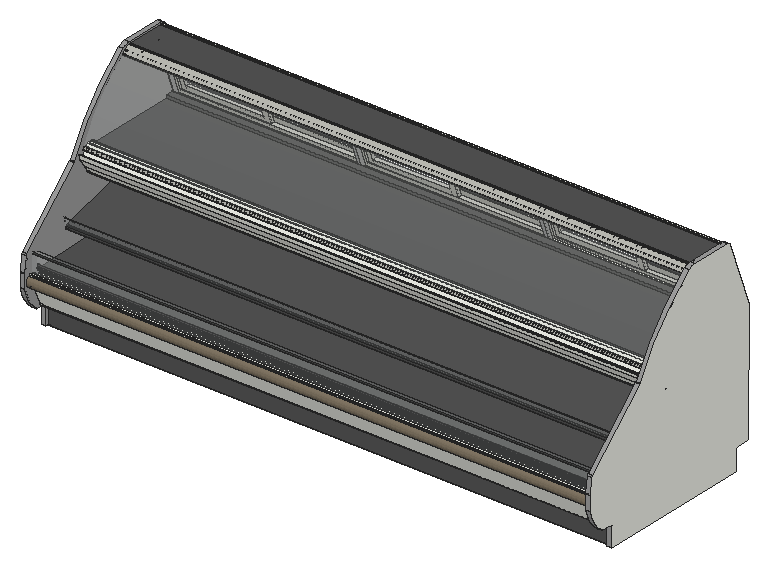
Revit family "CR3-H_2014", category Specialty Equipment, Revit 2014
Parameters (values of type "12'-0" Length")
  Width = 144"
  Waste Drain = 1 1/2"  # constant formula
  Upper Drain = if(Width = 48", 32", if(Width = 60", 44", if(Width = 72", 44", if(Width = 96", 56", if(Width = 120", 56", if(Width = 144", 77", 0"))))))  # 77"
  URL = "www.hussmann.com"
  Type Comments = "Chino"  # constant formula
  Trim = Stainless Steel
  Total Weight = Case Weight + (2 * End Weight)  # 0.00 lbf
  Splashguard = Textured Sheet Metal (Steel Painted) - 701 Black
  Side Panel - Right [instance] = yes
  Side Panel - Left [instance] = yes
  Shelves = Sheet Metal (Steel Painted) - 701 Black
  Revit Family Date = "04/22/2016"  # constant formula
  Refrigeration Lines Suction = 5/8"  # constant formula
  Refrigeration Lines Liquid = 3/8"  # constant formula
  Refrig. Suction = "Suction"
  Refrig. Liquid = "Liquid"
  Number of Supports = if(Width < 70", 2, if(Width < 140", 3, 4))  # 4
  Note from Manufacturer = "This model only comes in 4'-0\", 5'-0\", 6'-0\", 8'-0\", 10'-0\" and 12'-0\" lengths."
  Model URL = "http://www.hussmann.com/en/product%20viewer/display-cases/R3H,%20CR3H,%20R3H-HF,%20CR3H-HF"
  Model = "CR3-H"  # constant formula
  Manufacturer Disclaimer = "The information in this file is not intended to be an exact representation of the corresponding Hussmann product.  Further, we reserve the right to change or revise specifications and product design in connection with any feature of our products. Such changes do not entitle the buyer to corresponding changes, improvements, additions, or replacements for equipment previously sold or shipped."  # constant formula
  Manufacturer = "Hussmann Corporation"  # constant formula
  Lower Drain = if(Width = 48", 7", if(Width = 60", 41", if(Width = 72", 41", if(Width = 96", 53", if(Width = 120", 53", if(Width = 144", 65", 0"))))))  # 65"
  Height = 53"  # constant formula
  Glazing = Glass
  Ends = Textured Sheet Metal (Steel Painted) - 149 White Satin Matte
  End Weight = 0.00 lbf  # constant formula
  Door Frame = Plastic - 144 Mist Gray
  Description = "Hot Service Merchandiser with Self-Service Refrigerated - Curved Glass"  # constant formula
  Depth = 50 3/8"  # constant formula
  Cutsheet URL = "http://www.hussmann.com/en/Product%20Sheets/R3H_CR3H_121912_EN.pdf"
  Case Weight = if(Width = 48", 0.00 lbf, if(Width = 60", 0.00 lbf, if(Width = 72", 0.00 lbf, if(Width = 96", 0.00 lbf, if(Width = 120", 0.00 lbf, if(Width = 144", 0.00 lbf, 0.00 lbf))))))  # 0.00 lbf
  Case Interior - Side Panel = Stainless Steel
  Case Interior - Back Panel = Stainless Steel
  Case = Textured Sheet Metal (Steel Painted) - 149 White Satin Matte
  Bumper = Extruded PVC - 747 Chocolate Brown
  Assembly Code = ""
  Accessories/Options = ""
  8 Case = Width = 96"  # no
  6 Case = Width = 72"  # no
  5 Case = Width = 60"  # no
  4 Case = Width = 48"  # no
  12 Case = Width = 144"  # yes
  10 Case = Width = 120"  # no
Reference planes (in)
  plane 1 "Back": y = 0
  plane 2 "Bottom": z = 0
  plane 3 "Left": x = -77.30699
  plane 4 "Center (Left/Right)": x = -5.30699
  plane 5: x = -78.43199
  plane 6 "Right": x = 66.69301
  plane 7: x = 67.81801
  plane 8: z = 53
  plane 9: y = -50.375
Forms (in)
  Extrusion 1, solid, material "Metal - Copper"
    sketch origin (63.0625, 1.04319, 0) x (1, 0, 0) y (0, 1, 0)
      loop
        arc (-76.49449, -39.16819) -> (-77.02482, -39.38786) -> (-77.24449, -39.91819) r 0.75
        arc (-77.24449, -39.91819) -> (-77.02482, -40.44852) -> (-76.49449, -40.66819) r 0.75
        arc (-76.49449, -40.66819) -> (-75.96416, -40.44852) -> (-75.74449, -39.91819) r 0.75
        arc (-75.74449, -39.91819) -> (-75.96416, -39.38786) -> (-76.49449, -39.16819) r 0.75
      loop
        circle (-76.49449, -39.91819) r 0.7102
    from 5.98508 to 0
  Extrusion 2, solid, material "Metal - Copper"
    sketch origin (57.40105, 5, -0.375) x (1, 0, 0) y (0, 1, 0)
      loop
        circle (2.97946, -42.125) r 0.28859
      loop
        circle (2.97946, -42.125) r 0.3125
    from 6.36008 to 0.375
  Extrusion 3, solid, material "Metal - Copper"
    sketch origin (59.82608, 5, -0.375) x (1, 0, 0) y (0, 1, 0)
      loop
        circle (1.05443, -42.125) r 0.17188
      loop
        circle (1.05443, -42.125) r 0.1875
    from 6.36008 to 0.375
  Extrusion 4, solid, material "Textured Sheet Metal (Steel Painted) - 149 White Satin Matte" <- "Case"
    sketch origin (-5.30699, 0, 0) x (0, 1, 0) y (0, 0, 1)
      loop
        line (-33.36568, 34.61012) -> (-33.04856, 33.47902) -> (-31.7032, 31.45909) -> (-31.64948, 31.49094) -> (-30.7947, 30.01115) -> (-30.8313, 29.99002) -> (-30.69968, 29.76205)
        arc (-30.69968, 29.76205) -> (-30.66021, 29.73177) -> (-30.61089, 29.73826) r 0.065
        line (-30.61089, 29.73826) -> (-29.77517, 30.22076)
        arc (-29.77517, 30.22076) -> (-29.74489, 30.26023) -> (-29.75138, 30.30955) r 0.065
        line (-29.75138, 30.30955) -> (-29.85311, 30.48575)
        arc (-29.85311, 30.48575) -> (-29.85611, 30.50851) -> (-29.84213, 30.52673) r 0.03
        line (-29.84213, 30.52673) -> (-29.62575, 30.65165) -> (-28.74969, 30.65165) -> (-27.92081, 30.17255) -> (-25.08971, 27.77832)
        arc (-25.08971, 27.77832) -> (-25.07009, 27.76692) -> (-25.04774, 27.76295) r 0.065
        line (-25.04774, 27.76295) -> (-22.46115, 27.76295) -> (-21.49557, 26.79737) -> (-21.49557, 24.19301) -> (-21.62938, 23.48803)
        arc (-21.62938, 23.48803) -> (-21.57491, 23.41154) -> (-21.50086, 23.46931) r 0.065
        line (-21.50086, 23.46931) -> (-21.46057, 23.8667) -> (-21.46057, 24.58807) -> (-21.33057, 24.58807) -> (-21.33057, 28.20482) -> (-18.84907, 28.20482) -> (-18.84907, 11.22133) -> (-19.81272, 11.22133) -> (-19.81272, 10.98732) -> (-18.87522, 10.98732) -> (-18.87522, 8.47125) -> (-19.73888, 7.60758) -> (-45.47046, 7.60758) -> (-45.47046, 12.7762) -> (-44.42822, 12.7762) -> (-44.42822, 12.67958) -> (-44.49855, 12.4171) -> (-44.43818, 12.40092) -> (-44.36572, 12.67135) -> (-44.36572, 12.89308) -> (-44.30761, 12.89308) -> (-44.30761, 13.23808)
        arc (-44.30761, 13.23808) -> (-44.33455, 13.30313) -> (-44.39961, 13.33008) r 0.092
        line (-44.39961, 13.33008) -> (-44.74461, 13.33008) -> (-44.74461, 13.92649)
        arc (-44.74461, 13.92649) -> (-44.77155, 13.99154) -> (-44.83661, 14.01849) r 0.092
        line (-44.83661, 14.01849) -> (-45.77861, 14.01849)
        arc (-45.77861, 14.01849) -> (-45.84366, 13.99154) -> (-45.87061, 13.92649) r 0.092
        line (-45.87061, 13.92649) -> (-45.87061, 13.33008) -> (-46.30761, 13.33008) -> (-46.30761, 13.26808) -> (-47.6086, 13.26808) -> (-47.92961, 13.58908) -> (-47.92961, 13.96008) -> (-47.99211, 13.96008) -> (-47.99211, 13.11258) -> (-48.47954, 13.11258) -> (-48.47954, 14.20466)
        arc (-48.47954, 14.20466) -> (-48.50663, 14.27007) -> (-48.57204, 14.29716) r 0.0925
        line (-48.57204, 14.29716) -> (-49.2838, 14.29716)
        arc (-49.2838, 14.29716) -> (-49.34921, 14.27007) -> (-49.3763, 14.20466) r 0.0925
        line (-49.3763, 14.20466) -> (-49.3763, 11.58133)
        arc (-49.3763, 11.58133) -> (-49.34921, 11.51592) -> (-49.2838, 11.48883) r 0.0925
        line (-49.2838, 11.48883) -> (-48.32381, 11.48883) -> (-45.66679, 5.77636)
        arc (-45.66679, 5.77636) -> (-45.60508, 5.73883) -> (-45.54679, 5.78148) r 0.065
        line (-45.54679, 5.78148) -> (-45.47246, 5.98508) -> (-3.85387, 5.98508) -> (-3.85387, 5.91108) -> (-3.07295, 5.91108)
        arc (-3.07295, 5.91108) -> (-3.03315, 5.91899) -> (-2.99941, 5.94154) r 0.104
        line (-2.99941, 5.94154) -> (-2.31033, 6.63062)
        arc (-2.31033, 6.63062) -> (-2.28779, 6.66436) -> (-2.27987, 6.70416) r 0.104
        line (-2.27987, 6.70416) -> (-2.27987, 7.41108) -> (-0.92787, 7.41108) -> (-0.92787, 6.49062) -> (-1.0286, 5.91937)
        arc (-1.0286, 5.91937) -> (-1.01438, 5.8663) -> (-0.96459, 5.84308) r 0.065
        line (-0.96459, 5.84308) -> (-0.33657, 5.84308)
        arc (-0.33657, 5.84308) -> (-0.29061, 5.86212) -> (-0.27157, 5.90808) r 0.065
        line (-0.27157, 5.90808) -> (-0.27157, 7.54708) -> (-18.65057, 7.54708) -> (-18.65057, 28.41908) -> (-0.20665, 28.41908) -> (-0.20665, 35.15451) -> (-0.27598, 35.41322) -> (-0.062, 35.41322) -> (-0.062, 35.28806) -> (-0.08379, 35.03772) -> (-0.02202, 35.03232) -> (0, 35.28405) -> (0, 35.91542)
        arc (0, 35.91542) -> (-0.0014, 35.9314) -> (-0.00555, 35.94689) r 0.092
        line (-0.00555, 35.94689) -> (-0.11802, 36.2559)
        arc (-0.11802, 36.2559) -> (-0.16559, 36.30782) -> (-0.23594, 36.31089) r 0.092
        line (-0.23594, 36.31089) -> (-2.27433, 35.56897) -> (-4.51597, 35.56897)
        arc (-4.51597, 35.56897) -> (-4.57511, 35.54745) -> (-4.60657, 35.49295) r 0.092
        line (-4.60657, 35.49295) -> (-4.70058, 34.95983) -> (-4.63952, 34.94906) -> (-4.54551, 35.48218)
        arc (-4.54551, 35.48218) -> (-4.53525, 35.49995) -> (-4.51597, 35.50697) r 0.03
        line (-4.51597, 35.50697) -> (-2.98133, 35.50697) -> (-2.94721, 35.41322) -> (-3.2434, 35.41322)
        arc (-3.2434, 35.41322) -> (-3.31694, 35.38276) -> (-3.3474, 35.30922) r 0.104
        line (-3.3474, 35.30922) -> (-3.3474, 34.77931) -> (-26.31188, 34.77931)
        arc (-26.31188, 34.77931) -> (-26.33441, 34.85188) -> (-26.40369, 34.88308) r 0.0925
        line (-26.40369, 34.88308) -> (-29.81917, 34.88308) -> (-29.81917, 35.15653) -> (-29.81917, 36.32406)
        arc (-29.81917, 36.32406) -> (-29.8382, 36.37002) -> (-29.88417, 36.38906) r 0.065
        line (-29.88417, 36.38906) -> (-30.59463, 36.38906)
        arc (-30.59463, 36.38906) -> (-30.62338, 36.38236) -> (-30.6462, 36.36363) r 0.065
        line (-30.6462, 36.36363) -> (-31.5477, 35.18877) -> (-31.50775, 35.15812) -> (-32.26162, 34.17566)
        arc (-32.26162, 34.17566) -> (-32.27842, 34.16475) -> (-32.29834, 34.16684) r 0.03
        line (-32.29834, 34.16684) -> (-33.08729, 34.5431) -> (-33.06355, 34.60387) -> (-33.27944, 34.68821)
        arc (-33.27944, 34.68821) -> (-33.34673, 34.67585) -> (-33.36568, 34.61012) r 0.065
      loop
        line (-7.7013, 52.90428) -> (-17.15757, 52.90428) -> (-17.15757, 50.81867) -> (-15.27268, 50.81867)
        arc (-15.27268, 50.81867) -> (-15.31864, 50.79963) -> (-15.33768, 50.75367) r 0.065
        line (-15.33768, 50.75367) -> (-15.33768, 49.56367)
        arc (-15.33768, 49.56367) -> (-15.31864, 49.51771) -> (-15.27268, 49.49867) r 0.065
        line (-15.27268, 49.49867) -> (-14.92768, 49.49867) -> (-14.92768, 49.53609)
        arc (-14.92768, 49.53609) -> (-14.89911, 49.53742) -> (-14.88107, 49.55961) r 0.035
        line (-14.88107, 49.55961) -> (-14.67768, 50.31867) -> (-13.55268, 50.31867) -> (-13.34925, 49.55947)
        arc (-13.34925, 49.55947) -> (-13.33673, 49.54086) -> (-13.31548, 49.53367) r 0.035
        line (-13.31548, 49.53367) -> (-12.94048, 49.53367) -> (-12.94048, 49.57098)
        arc (-12.94048, 49.57098) -> (-12.90599, 49.59425) -> (-12.89268, 49.63367) r 0.065
        line (-12.89268, 49.63367) -> (-12.89268, 50.75367)
        arc (-12.89268, 50.75367) -> (-12.91172, 50.79963) -> (-12.95768, 50.81867) r 0.065
        line (-12.95768, 50.81867) -> (-8.18319, 50.81867) -> (-8.3657, 50.31723)
        arc (-8.3657, 50.31723) -> (-8.3631, 50.25759) -> (-8.31908, 50.21726) r 0.078
        line (-8.31908, 50.21726) -> (-7.21684, 49.81607)
        arc (-7.21684, 49.81607) -> (-7.19016, 49.81137) -> (-7.16349, 49.81607) r 0.078
        line (-7.16349, 49.81607) -> (-5.87825, 50.28386)
        arc (-5.87825, 50.28386) -> (-5.83424, 50.32419) -> (-5.83163, 50.38383) r 0.078
        arc (-5.83163, 50.38383) -> (-5.78406, 50.33192) -> (-5.71372, 50.32885) r 0.092
        line (-5.71372, 50.32885) -> (-5.41208, 50.43863)
        arc (-5.41208, 50.43863) -> (-5.36016, 50.4862) -> (-5.35709, 50.55655) r 0.092
        line (-5.35709, 50.55655) -> (-6.30348, 53.15672)
        arc (-6.30348, 53.15672) -> (-6.41404, 53.30081) -> (-6.58726, 53.35543) r 0.302
        line (-6.58726, 53.35543) -> (-7.1713, 53.35543)
        arc (-7.1713, 53.35543) -> (-7.23635, 53.32848) -> (-7.2633, 53.26343) r 0.092
        line (-7.2633, 53.26343) -> (-7.2633, 52.98303) -> (-7.6233, 52.98303)
        arc (-7.6233, 52.98303) -> (-7.67872, 52.95992) -> (-7.7013, 52.90428) r 0.078
    from 72 to -72
  Extrusion 5, solid, material "Sheet Metal (Steel Painted) - 701 Black" <- "Shelves"
    sketch origin (-5.30699, 0, 0) x (0, 1, 0) y (0, 0, 1)
      loop
        line (-46.61712, 14.45678) -> (-46.60322, 14.02412) -> (-20.77257, 14.85426) -> (-20.77257, 24.58807) -> (-21.46057, 24.58807) -> (-21.46057, 15.30027) -> (-46.61825, 14.49176)
        arc (-46.61825, 14.49176) -> (-46.63973, 14.49986) -> (-46.6492, 14.52078) r 0.03
        line (-46.6492, 14.52078) -> (-46.68035, 15.49028)
        arc (-46.68035, 15.49028) -> (-46.75306, 15.55273) -> (-46.80894, 15.47486) r 0.065
        line (-46.80894, 15.47486) -> (-46.73857, 15.13915) -> (-46.70432, 15.14633) -> (-46.68418, 14.51966)
        arc (-46.68418, 14.51966) -> (-46.66367, 14.47433) -> (-46.61712, 14.45678) r 0.065
    from 72 to -72
  Extrusion 6, solid, material "Sheet Metal (Steel Painted) - 701 Black" <- "Shelves"
    sketch origin (-5.30699, 0, 0) x (0, 1, 0) y (0, 0, 1)
      loop
        arc (-37.37591, 20.55304) -> (-37.41386, 20.52392) -> (-37.4201, 20.4765) r 0.0625
        line (-37.4201, 20.4765) -> (-37.20032, 19.65628) -> (-37.45375, 19.58853) -> (-37.62233, 20.31883) -> (-37.68275, 20.30488) -> (-37.51403, 19.5741)
        arc (-37.51403, 19.5741) -> (-37.48555, 19.53491) -> (-37.43757, 19.52816) r 0.062
        line (-37.43757, 19.52816) -> (-36.59239, 19.75463) -> (-36.60996, 19.82019)
        arc (-36.60996, 19.82019) -> (-36.5977, 19.83875) -> (-36.59726, 19.86099) r 0.04
        line (-36.59726, 19.86099) -> (-36.77098, 20.52878) -> (-35.92628, 20.75209) -> (-35.88731, 20.60665) -> (-35.804, 20.62897)
        arc (-35.804, 20.62897) -> (-35.77744, 20.62547) -> (-35.76113, 20.60422) r 0.035
        line (-35.76113, 20.60422) -> (-35.68092, 20.30489)
        arc (-35.68092, 20.30489) -> (-35.66826, 20.27965) -> (-35.64666, 20.26146) r 0.07
        line (-35.64666, 20.26146) -> (-35.12588, 19.97927)
        arc (-35.12588, 19.97927) -> (-35.04917, 19.98586) -> (-35.02491, 20.05893) r 0.07
        line (-35.02491, 20.05893) -> (-35.07702, 20.25341) -> (-21.79848, 23.74887)
        arc (-21.79848, 23.74887) -> (-21.76053, 23.77799) -> (-21.75428, 23.82542) r 0.0625
        line (-21.75428, 23.82542) -> (-21.9484, 24.54987)
        arc (-21.9484, 24.54987) -> (-21.97752, 24.58782) -> (-22.02494, 24.59406) r 0.0625
        line (-22.02494, 24.59406) -> (-37.37591, 20.55304)
    from 72 to -72
  Extrusion 7, solid, material "Glass" <- "Glazing"
    sketch origin (-5.30699, 0, 0) x (0, 1, 0) y (0, 0, 1)
      loop
        line (-38.15322, 22.24812) -> (-37.44146, 19.59182) -> (-37.19994, 19.65639) -> (-37.91173, 22.31283)
        arc (-37.91173, 22.31283) -> (-38.06483, 22.40122) -> (-38.15322, 22.24812) r 0.125
    from 72 to -72
  Extrusion 8, solid, material "Glass" <- "Glazing"
    sketch origin (-5.30699, 1, 0) x (0, 1, 0) y (0, 0, 1)
      loop
        line (-49.47954, 18.6907) -> (-49.47954, 13.11258) -> (-48.99211, 13.11258) -> (-48.99211, 18.61243)
        arc (-48.99211, 18.61243) -> (-49.20247, 18.85926) -> (-49.47954, 18.6907) r 0.25
    from 72 to -72
  Extrusion 9, solid, material "Extruded PVC - 747 Chocolate Brown" <- "Bumper"
    sketch origin (-5.30699, 1, 0) x (0, 1, 0) y (0, 0, 1)
      loop
        arc (-50.3763, 13.97878) -> (-51.3763, 12.72878) -> (-50.3763, 11.47878) r 1.28125
        line (-50.3763, 11.47878) -> (-50.3763, 13.97878)
    from 72 to -72
  Extrusion 10, solid, material "Sheet Metal (Steel Painted) - 701 Black" <- "Shelves"
    sketch origin (-5.30699, 0, 0) x (0, 1, 0) y (0, 0, 1)
      loop
        line (-7.38303, 53.29798) -> (-17.05429, 53.29798) -> (-17.09366, 53.25861) -> (-17.09366, 53.02831) -> (-16.98879, 52.90767) -> (-16.79783, 52.90767) -> (-16.73329, 52.98302) -> (-7.38303, 52.98302) -> (-7.34366, 53.02239) -> (-7.34366, 53.25861) -> (-7.38303, 53.29798)
    from 72 to -72
  Extrusion 11, solid, material "Plastic - 144 Mist Gray" <- "Door Frame"
    sketch origin (-5.30699, 0, 0) x (0, 1, 0) y (0, 0, 1)
      loop
        arc (-17.49697, 53.1507) -> (-18.54539, 52.68834) -> (-19.29571, 51.82233) r 2.61653
        arc (-19.29571, 51.82233) -> (-19.29445, 51.78042) -> (-19.25613, 51.76342) r 0.03937
        line (-19.25613, 51.76342) -> (-18.51624, 52.31424)
        arc (-18.51624, 52.31424) -> (-18.45713, 52.32888) -> (-18.40525, 52.29699) r 0.07874
        line (-18.40525, 52.29699) -> (-18.34364, 52.21115) -> (-18.47144, 52.20306) -> (-18.52318, 52.0834) -> (-18.46607, 52.00655)
        arc (-18.46607, 52.00655) -> (-18.45877, 51.97699) -> (-18.47474, 51.95106) r 0.03937
        line (-18.47474, 51.95106) -> (-19.08152, 51.51636)
        arc (-19.08152, 51.51636) -> (-19.10548, 51.47747) -> (-19.09453, 51.43313) r 0.05906
        line (-19.09453, 51.43313) -> (-19.0247, 51.33916)
        arc (-19.0247, 51.33916) -> (-19.01177, 51.33143) -> (-18.99716, 51.33511) r 0.01968
        line (-18.99716, 51.33511) -> (-18.85771, 51.43873) -> (-18.46135, 50.90539)
        arc (-18.46135, 50.90539) -> (-18.36955, 50.82255) -> (-18.25293, 50.78144) r 0.31496
        line (-18.25293, 50.78144) -> (-17.55726, 50.68243)
        arc (-17.55726, 50.68243) -> (-16.71595, 50.65724) -> (-15.88988, 50.81867) r 3.78388
        line (-15.88988, 50.81867) -> (-17.15757, 50.81867) -> (-17.15757, 52.90428) -> (-16.98584, 52.90428) -> (-17.05429, 52.98302) -> (-17.15757, 52.98302) -> (-17.15757, 53.25468)
        arc (-17.15757, 53.25468) -> (-17.16334, 53.2686) -> (-17.17726, 53.27436) r 0.01969
        line (-17.17726, 53.27436) -> (-17.25732, 53.27436)
        arc (-17.25732, 53.27436) -> (-17.42938, 53.04596) -> (-17.51513, 52.77317) r 0.84252
        line (-17.51513, 52.77317) -> (-17.59951, 52.73458)
        arc (-17.59951, 52.73458) -> (-17.55933, 52.93486) -> (-17.47617, 53.12143) r 0.9252
        arc (-17.47617, 53.12143) -> (-17.47711, 53.14278) -> (-17.49697, 53.1507) r 0.01969
      loop
        line (-31.87752, 36.07762) -> (-32.16562, 35.41886)
        arc (-32.16562, 35.41886) -> (-32.16655, 35.37142) -> (-32.13366, 35.33722) r 0.062
        line (-32.13366, 35.33722) -> (-31.90583, 35.23932)
        arc (-31.90583, 35.23932) -> (-31.85882, 35.23852) -> (-31.82477, 35.27094) r 0.062
        line (-31.82477, 35.27094) -> (-31.81081, 35.30212)
        arc (-31.81081, 35.30212) -> (-31.77657, 35.33462) -> (-31.72938, 35.33359) r 0.062
        line (-31.72938, 35.33359) -> (-31.66062, 35.30352)
        arc (-31.66062, 35.30352) -> (-31.60412, 35.35531) -> (-31.62151, 35.42996) r 0.07595
        line (-31.62151, 35.42996) -> (-31.59869, 35.48241) -> (-31.44325, 35.32489) -> (-31.31043, 35.49799) -> (-31.47165, 35.76115)
        arc (-31.47165, 35.76115) -> (-31.40993, 35.80155) -> (-31.41091, 35.87531) r 0.07661
        line (-31.41091, 35.87531) -> (-31.56422, 35.94129)
        arc (-31.56422, 35.94129) -> (-31.58311, 35.9432) -> (-31.59957, 35.93374) r 0.031
        arc (-31.59957, 35.93374) -> (-31.7414, 35.61455) -> (-31.88043, 35.29414) r 40
        line (-31.88043, 35.29414) -> (-32.10949, 35.39432)
        arc (-32.10949, 35.39432) -> (-31.96634, 35.72409) -> (-31.82025, 36.05257) r 40.25
        line (-31.82025, 36.05257) -> (-31.87752, 36.07762)
    from 72 to -72
  Extrusion 12, solid, material "Textured Sheet Metal (Steel Painted) - 701 Black" <- "Splashguard"
    sketch origin (-5.30699, 0, 0) x (0, 1, 0) y (0, 0, 1)
      loop
        arc (-43.33825, 5.48508) -> (-43.363, 5.47483) -> (-43.37325, 5.45008) r 0.035
        line (-43.37325, 5.45008) -> (-43.37325, 0.02008)
        arc (-43.37325, 0.02008) -> (-43.363, -0.00467) -> (-43.33825, -0.01492) r 0.035
        line (-43.33825, -0.01492) -> (-42.83825, -0.01492)
        arc (-42.83825, -0.01492) -> (-42.8135, -0.00467) -> (-42.80325, 0.02008) r 0.035
        line (-42.80325, 0.02008) -> (-42.80325, 0.39508) -> (-42.88512, 0.39508) -> (-42.88512, 5.07508) -> (-42.80325, 5.07508) -> (-42.80325, 5.45008)
        arc (-42.80325, 5.45008) -> (-42.8135, 5.47483) -> (-42.83825, 5.48508) r 0.035
        line (-42.83825, 5.48508) -> (-43.33825, 5.48508)
      loop
        line (-4.19387, 5.48508) -> (-4.19387, 0.45495) -> (-3.8561, 0.05241) -> (-3.47425, -0.01492) -> (-3.46817, 0.01955) -> (-3.83748, 0.08467) -> (-4.15887, 0.46769) -> (-4.15887, 5.48508) -> (-4.19387, 5.48508)
    from 72 to -72
  Extrusion 13, solid, material "Sheet Metal (Steel Painted) - 701 Black" <- "Shelves"
    sketch origin (-5.30699, 0, 0) x (0, 1, 0) y (0, 0, 1)
      loop
        line (-29.74078, 34.97147) -> (-29.74078, 34.93647) -> (-5.49078, 34.93647) -> (-5.49078, 35.53397)
        arc (-5.49078, 35.53397) -> (-5.46603, 35.54422) -> (-5.45578, 35.56897) r 0.035
        line (-5.45578, 35.56897) -> (-5.45578, 36.31897) -> (-3.33078, 36.31897) -> (-3.07054, 35.60397) -> (-3.57054, 35.60397) -> (-3.57054, 35.56897) -> (-3.07054, 35.56897)
        arc (-3.07054, 35.56897) -> (-3.04185, 35.58394) -> (-3.03769, 35.61603) r 0.035
        line (-3.03769, 35.61603) -> (-3.29789, 36.33094)
        arc (-3.29789, 36.33094) -> (-3.31071, 36.34764) -> (-3.33078, 36.35397) r 0.035
        line (-3.33078, 36.35397) -> (-5.45578, 36.35397)
        arc (-5.45578, 36.35397) -> (-5.48053, 36.34372) -> (-5.49078, 36.31897) r 0.035
        line (-5.49078, 36.31897) -> (-5.49078, 35.56897) -> (-29.30328, 35.56897) -> (-29.30328, 35.91762) -> (-29.26845, 35.91457) -> (-29.23379, 36.31071)
        arc (-29.23379, 36.31071) -> (-29.28354, 36.37007) -> (-29.33828, 36.31528) r 0.0525
        line (-29.33828, 36.31528) -> (-29.33828, 35.56897)
        arc (-29.33828, 35.56897) -> (-29.32803, 35.54422) -> (-29.30328, 35.53397) r 0.035
        line (-29.30328, 35.53397) -> (-29.74078, 34.97147)
    from 72 to -72
  Extrusion 14, solid, material "Glass" <- "Glazing"
    sketch origin (-5.30699, 0, 0) x (0, 1, 0) y (0, 0, 1)
      loop
        line (-18.51005, 51.97852) -> (-18.65626, 52.18131)
        arc (-18.65626, 52.18131) -> (-26.52546, 44.70291) -> (-32.10984, 35.39349) r 40.25
        line (-32.10984, 35.39349) -> (-31.88007, 35.29497)
        arc (-31.88007, 35.29497) -> (-26.33037, 44.54657) -> (-18.51005, 51.97852) r 40
    from 72 to -72
  Extrusion 15, solid, material "Metal - Copper"
    sketch origin (-56.6875, 24.04319, 0) x (1, 0, 0) y (0, 1, 0)
      loop
        arc (56.38051, -40.66819) -> (55.85018, -40.88786) -> (55.63051, -41.41819) r 0.75
        arc (55.63051, -41.41819) -> (55.85018, -41.94852) -> (56.38051, -42.16819) r 0.75
        arc (56.38051, -42.16819) -> (56.91084, -41.94852) -> (57.13051, -41.41819) r 0.75
        arc (57.13051, -41.41819) -> (56.91084, -40.88786) -> (56.38051, -40.66819) r 0.75
      loop
        circle (56.38051, -41.41819) r 0.7102
    from 5.98508 to 0
  Extrusion 16, solid, material "Glass" <- "Glazing"
    sketch origin (-5.30699, 1, 0) x (0, 1, 0) y (0, 0, 1)
      loop
        line (-47.77768, 18.51872) -> (-47.6492, 14.52078) -> (-47.39933, 14.52881) -> (-47.52781, 18.52675) -> (-47.77768, 18.51872)
    from 72 to -72
  Extrusion 17, solid, material "Stainless Steel" <- "Case Interior - Back Panel", visible <- "12 Case"
    sketch origin (-77.30699, 0, 0) x (0, 1, 0) y (0, 0, 1)
      loop
        line (-3.0039, 35.56897) -> (-2.27433, 35.56897) -> (-0.17956, 36.33141) -> (-5.4525, 50.81867) -> (-8.55461, 50.81867) -> (-3.0039, 35.56897)
    from 144 to 143.5
  Extrusion 18, solid, material "Stainless Steel" <- "Case Interior - Back Panel", visible <- "12 Case"
    sketch origin (-77.30699, 0, 0) x (0, 1, 0) y (0, 0, 1)
      loop
        line (-3.0039, 35.56897) -> (-2.27433, 35.56897) -> (-0.17956, 36.33141) -> (-5.4525, 50.81867) -> (-8.55461, 50.81867) -> (-3.0039, 35.56897)
    from 96.5 to 95.5
  Extrusion 19, solid, material "Stainless Steel" <- "Case Interior - Back Panel", visible <- "12 Case"
    sketch origin (-77.30699, 0, 0) x (0, 1, 0) y (0, 0, 1)
      loop
        line (-3.0039, 35.56897) -> (-2.27433, 35.56897) -> (-0.17956, 36.33141) -> (-5.4525, 50.81867) -> (-8.55461, 50.81867) -> (-3.0039, 35.56897)
    from 48.5 to 47.5
  Extrusion 20, solid, material "Stainless Steel" <- "Case Interior - Back Panel", visible <- "12 Case"
    sketch origin (-77.30699, 0, 0) x (0, 1, 0) y (0, 0, 1)
      loop
        line (-3.0039, 35.56897) -> (-2.27433, 35.56897) -> (-0.17956, 36.33141) -> (-5.4525, 50.81867) -> (-8.55461, 50.81867) -> (-3.0039, 35.56897)
    from 0.5 to 0
  Extrusion 21, solid, material "Stainless Steel" <- "Case Interior - Back Panel", visible <- "12 Case", not visible
    sketch origin (-77.30699, 0, 0) x (0, 1, 0) y (0, 0, 1)
      loop
        line (-3.0039, 35.56897) -> (-2.27433, 35.56897) -> (-0.17956, 36.33141) -> (-5.4525, 50.81867) -> (-8.55461, 50.81867) -> (-3.0039, 35.56897)
    from 144 to 143.5
  Extrusion 22, solid, material "Stainless Steel" <- "Case Interior - Back Panel", visible <- "12 Case", not visible
    sketch origin (-77.30699, 0, 0) x (0, 1, 0) y (0, 0, 1)
      loop
        line (-3.0039, 35.56897) -> (-2.27433, 35.56897) -> (-0.17956, 36.33141) -> (-5.4525, 50.81867) -> (-8.55461, 50.81867) -> (-3.0039, 35.56897)
    from 96.5 to 95.5
  Extrusion 23, solid, material "Stainless Steel" <- "Case Interior - Back Panel", visible <- "12 Case", not visible
    sketch origin (-77.30699, 0, 0) x (0, 1, 0) y (0, 0, 1)
      loop
        line (-3.0039, 35.56897) -> (-2.27433, 35.56897) -> (-0.17956, 36.33141) -> (-5.4525, 50.81867) -> (-8.55461, 50.81867) -> (-3.0039, 35.56897)
    from 48.5 to 47.5
  Extrusion 24, solid, material "Stainless Steel" <- "Case Interior - Back Panel", visible <- "12 Case", not visible
    sketch origin (-77.30699, 0, 0) x (0, 1, 0) y (0, 0, 1)
      loop
        line (-3.0039, 35.56897) -> (-2.27433, 35.56897) -> (-0.17956, 36.33141) -> (-5.4525, 50.81867) -> (-8.55461, 50.81867) -> (-3.0039, 35.56897)
    from 0.5 to 0
  Extrusion 25, solid, material "Stainless Steel" <- "Case Interior - Back Panel", visible <- "10 Case"
    sketch origin (-77.30699, 0, 0) x (0, 1, 0) y (0, 0, 1)
      loop
        line (-3.0039, 35.56897) -> (-2.27433, 35.56897) -> (-0.17956, 36.33141) -> (-5.4525, 50.81867) -> (-8.55461, 50.81867) -> (-3.0039, 35.56897)
    from 120 to 119.5
  Extrusion 26, solid, material "Stainless Steel" <- "Case Interior - Back Panel", visible <- "10 Case"
    sketch origin (-77.30699, 0, 0) x (0, 1, 0) y (0, 0, 1)
      loop
        line (-3.0039, 35.56897) -> (-2.27433, 35.56897) -> (-0.17956, 36.33141) -> (-5.4525, 50.81867) -> (-8.55461, 50.81867) -> (-3.0039, 35.56897)
    from 60.5 to 59.5
  Extrusion 27, solid, material "Stainless Steel" <- "Case Interior - Back Panel", visible <- "10 Case"
    sketch origin (-77.30699, 0, 0) x (0, 1, 0) y (0, 0, 1)
      loop
        line (-3.0039, 35.56897) -> (-2.27433, 35.56897) -> (-0.17956, 36.33141) -> (-5.4525, 50.81867) -> (-8.55461, 50.81867) -> (-3.0039, 35.56897)
    from 0.5 to 0
  Extrusion 28, solid, material "Stainless Steel" <- "Case Interior - Back Panel", visible <- "10 Case", not visible
    sketch origin (-170.99499, 0, 0) x (0, 1, 0) y (0, 0, 1)
      loop
        line (-3.0039, 35.56897) -> (-2.27433, 35.56897) -> (-0.17956, 36.33141) -> (-5.4525, 50.81867) -> (-8.55461, 50.81867) -> (-3.0039, 35.56897)
    from 120 to 119.5
  Extrusion 29, solid, material "Stainless Steel" <- "Case Interior - Back Panel", visible <- "10 Case", not visible
    sketch origin (-170.99499, 0, 0) x (0, 1, 0) y (0, 0, 1)
      loop
        line (-3.0039, 35.56897) -> (-2.27433, 35.56897) -> (-0.17956, 36.33141) -> (-5.4525, 50.81867) -> (-8.55461, 50.81867) -> (-3.0039, 35.56897)
    from 60.5 to 59.5
  Extrusion 30, solid, material "Stainless Steel" <- "Case Interior - Back Panel", visible <- "10 Case", not visible
    sketch origin (-170.99499, 0, 0) x (0, 1, 0) y (0, 0, 1)
      loop
        line (-3.0039, 35.56897) -> (-2.27433, 35.56897) -> (-0.17956, 36.33141) -> (-5.4525, 50.81867) -> (-8.55461, 50.81867) -> (-3.0039, 35.56897)
    from 0.5 to 0
  Extrusion 31, solid, material "Stainless Steel" <- "Case Interior - Back Panel", visible <- "8 Case"
    sketch origin (-77.30699, 0, 0) x (0, 1, 0) y (0, 0, 1)
      loop
        line (-3.0039, 35.56897) -> (-2.27433, 35.56897) -> (-0.17956, 36.33141) -> (-5.4525, 50.81867) -> (-8.55461, 50.81867) -> (-3.0039, 35.56897)
    from 96 to 95.5
  Extrusion 32, solid, material "Stainless Steel" <- "Case Interior - Back Panel", visible <- "8 Case"
    sketch origin (-77.30699, 0, 0) x (0, 1, 0) y (0, 0, 1)
      loop
        line (-3.0039, 35.56897) -> (-2.27433, 35.56897) -> (-0.17956, 36.33141) -> (-5.4525, 50.81867) -> (-8.55461, 50.81867) -> (-3.0039, 35.56897)
    from 48.5 to 47.5
  Extrusion 33, solid, material "Stainless Steel" <- "Case Interior - Back Panel", visible <- "8 Case"
    sketch origin (-77.30699, 0, 0) x (0, 1, 0) y (0, 0, 1)
      loop
        line (-3.0039, 35.56897) -> (-2.27433, 35.56897) -> (-0.17956, 36.33141) -> (-5.4525, 50.81867) -> (-8.55461, 50.81867) -> (-3.0039, 35.56897)
    from 0.5 to 0
  Extrusion 34, solid, material "Stainless Steel" <- "Case Interior - Back Panel", visible <- "8 Case", not visible
    sketch origin (-77.30699, 0, 0) x (0, 1, 0) y (0, 0, 1)
      loop
        line (-3.0039, 35.56897) -> (-2.27433, 35.56897) -> (-0.17956, 36.33141) -> (-5.4525, 50.81867) -> (-8.55461, 50.81867) -> (-3.0039, 35.56897)
    from 96 to 95.5
  Extrusion 35, solid, material "Stainless Steel" <- "Case Interior - Back Panel", visible <- "8 Case", not visible
    sketch origin (-77.30699, 0, 0) x (0, 1, 0) y (0, 0, 1)
      loop
        line (-3.0039, 35.56897) -> (-2.27433, 35.56897) -> (-0.17956, 36.33141) -> (-5.4525, 50.81867) -> (-8.55461, 50.81867) -> (-3.0039, 35.56897)
    from 48.5 to 47.5
  Extrusion 36, solid, material "Stainless Steel" <- "Case Interior - Back Panel", visible <- "8 Case", not visible
    sketch origin (-77.30699, 0, 0) x (0, 1, 0) y (0, 0, 1)
      loop
        line (-3.0039, 35.56897) -> (-2.27433, 35.56897) -> (-0.17956, 36.33141) -> (-5.4525, 50.81867) -> (-8.55461, 50.81867) -> (-3.0039, 35.56897)
    from 0.5 to 0
  Extrusion 37, solid, material "Stainless Steel" <- "Case Interior - Back Panel", visible <- "6 Case"
    sketch origin (-77.30699, 0, 0) x (0, 1, 0) y (0, 0, 1)
      loop
        line (-3.0039, 35.56897) -> (-2.27433, 35.56897) -> (-0.17956, 36.33141) -> (-5.4525, 50.81867) -> (-8.55461, 50.81867) -> (-3.0039, 35.56897)
    from 72 to 71.5
  Extrusion 38, solid, material "Stainless Steel" <- "Case Interior - Back Panel", visible <- "6 Case"
    sketch origin (-77.30699, 0, 0) x (0, 1, 0) y (0, 0, 1)
      loop
        line (-3.0039, 35.56897) -> (-2.27433, 35.56897) -> (-0.17956, 36.33141) -> (-5.4525, 50.81867) -> (-8.55461, 50.81867) -> (-3.0039, 35.56897)
    from 0.5 to 0
  Extrusion 39, solid, material "Stainless Steel" <- "Case Interior - Back Panel", visible <- "6 Case", not visible
    sketch origin (-72.99499, 10.38492, -11.25191) x (0, 1, 0) y (0, 0, 1)
      loop
        line (-3.0039, 35.56897) -> (-2.27433, 35.56897) -> (-0.17956, 36.33141) -> (-5.4525, 50.81867) -> (-8.55461, 50.81867) -> (-3.0039, 35.56897)
    from 72 to 71.5
  Extrusion 40, solid, material "Stainless Steel" <- "Case Interior - Back Panel", visible <- "6 Case", not visible
    sketch origin (-72.99499, 10.38492, -11.25191) x (0, 1, 0) y (0, 0, 1)
      loop
        line (-3.0039, 35.56897) -> (-2.27433, 35.56897) -> (-0.17956, 36.33141) -> (-5.4525, 50.81867) -> (-8.55461, 50.81867) -> (-3.0039, 35.56897)
    from 0.5 to 0
  Extrusion 41, solid, material "Stainless Steel" <- "Case Interior - Back Panel", visible <- "5 Case"
    sketch origin (-77.30699, 0, 0) x (0, 1, 0) y (0, 0, 1)
      loop
        line (-3.0039, 35.56897) -> (-2.27433, 35.56897) -> (-0.17956, 36.33141) -> (-5.4525, 50.81867) -> (-8.55461, 50.81867) -> (-3.0039, 35.56897)
    from 60 to 59.5
  Extrusion 42, solid, material "Stainless Steel" <- "Case Interior - Back Panel", visible <- "5 Case"
    sketch origin (-77.30699, 0, 0) x (0, 1, 0) y (0, 0, 1)
      loop
        line (-3.0039, 35.56897) -> (-2.27433, 35.56897) -> (-0.17956, 36.33141) -> (-5.4525, 50.81867) -> (-8.55461, 50.81867) -> (-3.0039, 35.56897)
    from 0.5 to 0
  Extrusion 43, solid, material "Stainless Steel" <- "Case Interior - Back Panel", visible <- "5 Case", not visible
    sketch origin (-170.99499, 0, 0) x (0, 1, 0) y (0, 0, 1)
      loop
        line (-3.0039, 35.56897) -> (-2.27433, 35.56897) -> (-0.17956, 36.33141) -> (-5.4525, 50.81867) -> (-8.55461, 50.81867) -> (-3.0039, 35.56897)
    from 60 to 59.5
  Extrusion 44, solid, material "Stainless Steel" <- "Case Interior - Back Panel", visible <- "5 Case", not visible
    sketch origin (-170.99499, 0, 0) x (0, 1, 0) y (0, 0, 1)
      loop
        line (-3.0039, 35.56897) -> (-2.27433, 35.56897) -> (-0.17956, 36.33141) -> (-5.4525, 50.81867) -> (-8.55461, 50.81867) -> (-3.0039, 35.56897)
    from 0.5 to 0
  Extrusion 45, solid, material "Stainless Steel" <- "Case Interior - Back Panel", visible <- "4 Case"
    sketch origin (-77.30699, 0, 0) x (0, 1, 0) y (0, 0, 1)
      loop
        line (-3.0039, 35.56897) -> (-2.27433, 35.56897) -> (-0.17956, 36.33141) -> (-5.4525, 50.81867) -> (-8.55461, 50.81867) -> (-3.0039, 35.56897)
    from 48 to 47.5
  Extrusion 46, solid, material "Stainless Steel" <- "Case Interior - Back Panel", visible <- "4 Case"
    sketch origin (-77.30699, 0, 0) x (0, 1, 0) y (0, 0, 1)
      loop
        line (-3.0039, 35.56897) -> (-2.27433, 35.56897) -> (-0.17956, 36.33141) -> (-5.4525, 50.81867) -> (-8.55461, 50.81867) -> (-3.0039, 35.56897)
    from 0.5 to 0
  Extrusion 47, solid, material "Stainless Steel" <- "Case Interior - Back Panel", visible <- "4 Case", not visible
    sketch origin (-77.30699, 0, 0) x (0, 1, 0) y (0, 0, 1)
      loop
        line (-3.0039, 35.56897) -> (-2.27433, 35.56897) -> (-0.17956, 36.33141) -> (-5.4525, 50.81867) -> (-8.55461, 50.81867) -> (-3.0039, 35.56897)
    from 48 to 47.5
  Extrusion 48, solid, material "Stainless Steel" <- "Case Interior - Back Panel", visible <- "4 Case", not visible
    sketch origin (-77.30699, 0, 0) x (0, 1, 0) y (0, 0, 1)
      loop
        line (-3.0039, 35.56897) -> (-2.27433, 35.56897) -> (-0.17956, 36.33141) -> (-5.4525, 50.81867) -> (-8.55461, 50.81867) -> (-3.0039, 35.56897)
    from 0.5 to 0
  Extrusion 49, solid, material "Textured Sheet Metal (Steel Painted) - 149 White Satin Matte" <- "Ends", visible <- "Side Panel - Right"
    sketch origin (66.69301, 0, 0) x (0, 0, 1) y (0, -1, 0)
      loop
        arc (52.87765, 18.90286) -> (44.14664, 27.74209) -> (33.70783, 34.47958) r 57
        arc (33.70783, 34.47958) -> (33.60283, 34.54428) -> (33.5108, 34.6264) r 0.7
        line (33.5108, 34.6264) -> (19.23827, 49.82481)
        arc (19.23827, 49.82481) -> (19.05327, 49.96546) -> (18.83241, 50.0378) r 0.7
        line (18.83241, 50.0378) -> (14.97649, 50.61944)
        arc (14.97649, 50.61944) -> (14.92443, 50.62531) -> (14.87208, 50.62727) r 0.7
        line (14.87208, 50.62727) -> (11.31634, 50.62727)
        arc (11.31634, 50.62727) -> (7.96462, 49.27292) -> (5.32131, 46.80692) r 9.91393
        line (5.32131, 46.80692) -> (5.32131, 44.33793)
        arc (5.32131, 44.33793) -> (5.17486, 43.98438) -> (4.82131, 43.83793) r 0.5
        line (4.82131, 43.83793) -> (0, 43.83793) -> (0, 4.00118) -> (5.0659, 4.00118)
        arc (5.0659, 4.00118) -> (5.41945, 3.85474) -> (5.5659, 3.50118) r 0.5
        line (5.5659, 3.50118) -> (5.5659, 0.5)
        arc (5.5659, 0.5) -> (5.71234, 0.14645) -> (6.0659, 0) r 0.5
        line (6.0659, 0) -> (36.6983, 0) -> (53.06605, 5.96807)
        arc (53.06605, 5.96807) -> (53.39978, 6.22438) -> (53.52626, 6.62572) r 0.7
        line (53.52626, 6.62572) -> (53.52626, 17.03981)
        arc (53.52626, 17.03981) -> (53.35947, 18.02617) -> (52.87765, 18.90286) r 3
    from 0 to 1.125
  Extrusion 50, solid, material "Textured Sheet Metal (Steel Painted) - 149 White Satin Matte" <- "Ends", visible <- "Side Panel - Left"
    sketch origin (-77.30699, 5.00314, 0) x (0, 1, 0) y (0, 0, 1)
      loop
        arc (-23.90599, 52.87765) -> (-32.74522, 44.14664) -> (-39.48272, 33.70783) r 57
        arc (-39.48272, 33.70783) -> (-39.54741, 33.60283) -> (-39.62953, 33.5108) r 0.7
        line (-39.62953, 33.5108) -> (-54.82795, 19.23827)
        arc (-54.82795, 19.23827) -> (-54.9686, 19.05327) -> (-55.04093, 18.83241) r 0.7
        line (-55.04093, 18.83241) -> (-55.62258, 14.97649)
        arc (-55.62258, 14.97649) -> (-55.62845, 14.92443) -> (-55.63041, 14.87208) r 0.7
        line (-55.63041, 14.87208) -> (-55.63041, 11.31634)
        arc (-55.63041, 11.31634) -> (-54.27605, 7.96462) -> (-51.81005, 5.32131) r 9.91393
        line (-51.81005, 5.32131) -> (-49.34107, 5.32131)
        arc (-49.34107, 5.32131) -> (-48.98752, 5.17486) -> (-48.84107, 4.82131) r 0.5
        line (-48.84107, 4.82131) -> (-48.84107, 0) -> (-9.00432, 0) -> (-9.00432, 5.0659)
        arc (-9.00432, 5.0659) -> (-8.85787, 5.41945) -> (-8.50432, 5.5659) r 0.5
        line (-8.50432, 5.5659) -> (-5.50314, 5.5659)
        arc (-5.50314, 5.5659) -> (-5.14958, 5.71234) -> (-5.00314, 6.0659) r 0.5
        line (-5.00314, 6.0659) -> (-5.00314, 36.6983) -> (-10.97121, 53.06605)
        arc (-10.97121, 53.06605) -> (-11.22752, 53.39978) -> (-11.62886, 53.52626) r 0.7
        line (-11.62886, 53.52626) -> (-22.04295, 53.52626)
        arc (-22.04295, 53.52626) -> (-23.02931, 53.35947) -> (-23.90599, 52.87765) r 3
    from -1.125 to 0
Lines and regions (in)
  reference lines
    curve 1: line (-75.99499, -51.375, 0) -> (-75.99499, 0, 0)
    curve 2: line (-0.30699, -51.375, 0) -> (-0.30699, 0, 0)
    curve 3: line (-13.43199, -51.375, 0) -> (-13.43199, 0, 0)
    curve 4: line (65.38051, -51.375, 0) -> (65.38051, 0, 0)
    curve 5: line (60.69301, -51.375, 0) -> (60.69301, 0, 0)
    curve 6: line (-77.30699, -38.875, 0) -> (66.69301, -38.875, 0)
    curve 7: line (66.69301, -37.125, 0) -> (-77.30699, -37.125, 0)
    curve 8: line (-77.30699, -17.375, 0) -> (66.69301, -17.375, 0)
Dimensions and locks (in)
  equal spacing: plane 3 "Left", plane 4 "Center (Left/Right)", plane 6 "Right"
  locked: plane 5 to plane 3 "Left" at 1.125
  "Width": plane 3 "Left" to plane 6 "Right"
  plane 3 "Left" to curve 1 = 1.312"
  "Upper Drain": plane 3 "Left" to curve 2
  locked: curve 4 to plane 6 "Right" at 1.3125
  "Lower Drain": plane 5 to curve 3
  locked: curve 5 to plane 6 "Right" at 6
  "Height": plane 8 to level
  locked: plane 1 "Back" to curve 8 at 17.375
  locked: curve 7 to plane 9 at 13.25
  locked: plane 6 "Right" to plane 7 at 1.125
  locked: Extrusion 1 sketch curve to Extrusion 1 sketch curve at 0.0398
  locked: Extrusion 3 sketch curve to Extrusion 3 sketch curve at 0.01562
  locked: Extrusion 2 sketch curve to Extrusion 2 sketch curve at 0.02391
  locked: Extrusion 15 sketch curve to Extrusion 15 sketch curve at 0.0398
  locked: curve 6 to plane 9 at 11.5
  nested 1 to plane 1 "Back" = 5 7/8"
  equal spacing: group 1, group 15, group 16, group 2  (x3)
  "Depth": plane 9 to plane 1 "Back"
  "Waste Drain": diameter of Extrusion 1 sketch curve
  "Refrigeration Lines Liquid": diameter of Extrusion 3 sketch curve
  "Refrigeration Lines Suction": diameter of Extrusion 2 sketch curve
  "Waste Drain": diameter of Extrusion 15 sketch curve
  aligned and locked: plane 3 "Left" to curve 6
  aligned and locked: plane 3 "Left" to curve 7
  aligned and locked: plane 6 "Right" to curve 7
  aligned and locked: plane 6 "Right" to curve 6
  aligned and locked: Extrusion 2 to level
  aligned and locked: Extrusion 3 to level
  aligned and locked: curve 7 to Extrusion 3 sketch curve  (x4)
  aligned and locked: curve 7 to Extrusion 2 sketch curve  (x4)
  aligned and locked: curve 6 to Extrusion 1 sketch curve  (x3)
  aligned and locked: curve 3 to Extrusion 1 sketch curve
  aligned and locked: curve 5 to Extrusion 3 sketch curve
  aligned and locked: curve 5 to Extrusion 2 sketch curve
  aligned and locked: Extrusion 1 to level
  aligned and locked: Extrusion 3 to plane 2 "Bottom"
  aligned and locked: Extrusion 2 to plane 2 "Bottom"
  aligned and locked: Extrusion 2 to Extrusion 1
  aligned and locked: Extrusion 3 to Extrusion 1
  aligned and locked: Extrusion 4 to plane 3 "Left"
  aligned and locked: plane 6 "Right" to Extrusion 4
  aligned and locked: Extrusion 11 to plane 3 "Left"
  aligned and locked: plane 6 "Right" to Extrusion 11
  aligned and locked: Extrusion 6 to plane 3 "Left"
  aligned and locked: plane 6 "Right" to Extrusion 6
  aligned and locked: Extrusion 7 to plane 3 "Left"
  aligned and locked: plane 6 "Right" to Extrusion 7
  aligned and locked: Extrusion 8 to plane 3 "Left"
  aligned and locked: plane 6 "Right" to Extrusion 8
  aligned and locked: Extrusion 9 to plane 3 "Left"
  aligned and locked: plane 6 "Right" to Extrusion 9
  aligned and locked: Extrusion 12 to plane 3 "Left"
  aligned and locked: plane 6 "Right" to Extrusion 12
  aligned and locked: plane 6 "Right" to Extrusion 5
  aligned and locked: Extrusion 5 to plane 3 "Left"
  aligned and locked: Extrusion 13 to plane 3 "Left"
  aligned and locked: plane 6 "Right" to Extrusion 13
  aligned and locked: Extrusion 14 to plane 3 "Left"
  aligned and locked: plane 6 "Right" to Extrusion 14
  aligned and locked: Extrusion 10 to plane 3 "Left"
  aligned and locked: plane 6 "Right" to Extrusion 10
  aligned and locked: Extrusion 1 to Extrusion 4
  aligned and locked: curve 8 to Extrusion 15 sketch curve
  aligned and locked: Extrusion 15 to Extrusion 1
  aligned and locked: curve 1 to nested 1
  aligned and locked: curve 4 to nested 2
  aligned and locked: nested 2 to nested 1
  aligned and locked: plane 3 "Left" to nested 4
  aligned and locked: plane 3 "Left" to nested 5
  aligned and locked: plane 3 "Left" to nested 6
  aligned and locked: plane 3 "Left" to nested 8
  aligned and locked: plane 3 "Left" to nested 24
  aligned and locked: Extrusion 16 to plane 3 "Left"
  aligned and locked: plane 6 "Right" to Extrusion 16
  aligned and locked: plane 3 "Left" to nested 26
  aligned and locked: plane 5 to Extrusion 50
  aligned and locked: plane 3 "Left" to Extrusion 50
  aligned and locked: Extrusion 49 to plane 6 "Right"
  aligned and locked: plane 7 to Extrusion 49
Automatic sketch dimensions
  plane 1 "Back" to Extrusion 10 sketch curve = 17.09366"
  Extrusion 10 sketch curve to Extrusion 10 sketch curve = 0.03937"  (x4)
  Extrusion 10 sketch curve to Extrusion 10 sketch curve = 0.10487"
  Extrusion 10 sketch curve to Extrusion 10 sketch curve = 0.19096"
  Extrusion 10 sketch curve to Extrusion 10 sketch curve = 0.06454"
  plane 1 "Back" to Extrusion 10 sketch curve = 7.38303"
  Extrusion 10 sketch curve to Extrusion 10 sketch curve = 0"
  Extrusion 11 sketch curve to Extrusion 11 sketch curve = 0"  (x4)
  Extrusion 11 sketch curve to Extrusion 11 sketch curve = 0.03196"
  Extrusion 11 sketch curve to Extrusion 11 sketch curve = 0.05613"
  Extrusion 11 sketch curve to Extrusion 11 sketch curve = 0.00067"
  Extrusion 11 sketch curve to Extrusion 11 sketch curve = 0.22783"
  Extrusion 11 sketch curve to Extrusion 11 sketch curve = 0.02448"
  Extrusion 11 sketch curve to Extrusion 11 sketch curve = 0.00093"
  Extrusion 11 sketch curve to Extrusion 11 sketch curve = 0.2881"
  Extrusion 11 sketch curve to Extrusion 11 sketch curve = 0.05566"
  Extrusion 11 sketch curve to Extrusion 11 sketch curve = 0.05727"
  Extrusion 11 sketch curve to Extrusion 11 sketch curve = 0.01396"
  Extrusion 11 sketch curve to Extrusion 11 sketch curve = 0.05659"
  Extrusion 11 sketch curve to Extrusion 11 sketch curve = 0.02484"
  Extrusion 11 sketch curve to Extrusion 11 sketch curve = 0.05271"
  Extrusion 11 sketch curve to Extrusion 11 sketch curve = 0.06875"
  Extrusion 11 sketch curve to Extrusion 11 sketch curve = 0.05516"
  Extrusion 11 sketch curve to Extrusion 11 sketch curve = 0.02282"
  Extrusion 11 sketch curve to Extrusion 11 sketch curve = 0.24361"
  Extrusion 11 sketch curve to Extrusion 11 sketch curve = 0.01242"
  Extrusion 11 sketch curve to Extrusion 11 sketch curve = 0.09908"
  Extrusion 11 sketch curve to Extrusion 11 sketch curve = 0.00591"
  Extrusion 11 sketch curve to Extrusion 11 sketch curve = 0.17825"
  Extrusion 11 sketch curve to Extrusion 11 sketch curve = 0.06665"
  Extrusion 11 sketch curve to Extrusion 11 sketch curve = 17/128"
  plane 1 "Back" to Extrusion 11 sketch curve = 19.26177"
  Extrusion 11 sketch curve to Extrusion 11 sketch curve = 0.00564"
  Extrusion 11 sketch curve to Extrusion 11 sketch curve = 0.1616"
  Extrusion 11 sketch curve to Extrusion 11 sketch curve = 0.01301"
  Extrusion 11 sketch curve to Extrusion 11 sketch curve = 0.0474"
  Extrusion 11 sketch curve to Extrusion 11 sketch curve = 0.06983"
  Extrusion 11 sketch curve to Extrusion 11 sketch curve = 0.0158"
  Extrusion 11 sketch curve to Extrusion 11 sketch curve = 0.01174"
  Extrusion 11 sketch curve to Extrusion 11 sketch curve = 0.13944"
  Extrusion 11 sketch curve to Extrusion 11 sketch curve = 0.33453"
  Extrusion 11 sketch curve to Extrusion 11 sketch curve = 0.00694"
  Extrusion 11 sketch curve to Extrusion 11 sketch curve = 0.02551"
  Extrusion 11 sketch curve to Extrusion 11 sketch curve = 0.02293"
  Extrusion 11 sketch curve to Extrusion 11 sketch curve = 0.0448"
  Extrusion 11 sketch curve to Extrusion 11 sketch curve = 0.00222"
  Extrusion 11 sketch curve to Extrusion 11 sketch curve = 0.0316"
  Extrusion 11 sketch curve to Extrusion 11 sketch curve = 0.39637"
  Extrusion 11 sketch curve to Extrusion 11 sketch curve = 0.06397"
  Extrusion 11 sketch curve to Extrusion 11 sketch curve = 0.06161"
  Extrusion 11 sketch curve to Extrusion 11 sketch curve = 0.20842"
  Extrusion 11 sketch curve to Extrusion 11 sketch curve = 0.04438"
  Extrusion 11 sketch curve to Extrusion 11 sketch curve = 0.74413"
  Extrusion 11 sketch curve to Extrusion 11 sketch curve = 0.69567"
  Extrusion 11 sketch curve to Extrusion 11 sketch curve = 0.08438"
  Extrusion 11 sketch curve to Extrusion 11 sketch curve = 0.02197"
  Extrusion 11 sketch curve to Extrusion 11 sketch curve = 0.23584"
  Extrusion 11 sketch curve to Extrusion 11 sketch curve = 0.08006"
  Extrusion 11 sketch curve to Extrusion 11 sketch curve = 0.39969"
  Extrusion 11 sketch curve to Extrusion 11 sketch curve = 0.10328"
  Extrusion 11 sketch curve to Extrusion 11 sketch curve = 0.15316"
  Extrusion 11 sketch curve to Extrusion 11 sketch curve = 0.16656"
  Extrusion 11 sketch curve to Extrusion 11 sketch curve = 0.06845"
  Extrusion 11 sketch curve to Extrusion 11 sketch curve = 0.30567"
  Extrusion 11 sketch curve to Extrusion 11 sketch curve = 0.00232"
  Extrusion 11 sketch curve to Extrusion 11 sketch curve = 1.10113"
  Extrusion 11 sketch curve to plane 1 "Back" = 4.88321"
  Extrusion 11 sketch curve to Extrusion 11 sketch curve = 0.09888"
  Extrusion 11 sketch curve to Extrusion 11 sketch curve = 0.02505"
  Extrusion 11 sketch curve to Extrusion 11 sketch curve = 0.11128"
  Extrusion 11 sketch curve to Extrusion 11 sketch curve = 0.0284"
  Extrusion 11 sketch curve to Extrusion 11 sketch curve = 0.06598"
  Extrusion 11 sketch curve to Extrusion 11 sketch curve = 0.03777"
  Extrusion 11 sketch curve to Extrusion 11 sketch curve = 0.26316"
  Extrusion 11 sketch curve to Extrusion 11 sketch curve = 0.01557"
  Extrusion 11 sketch curve to Extrusion 11 sketch curve = 0.05245"
  Extrusion 11 sketch curve to Extrusion 11 sketch curve = 0.02455"
  Extrusion 11 sketch curve to Extrusion 11 sketch curve = 0.00029"
  Extrusion 11 sketch curve to Extrusion 11 sketch curve = 0.0522"
  Extrusion 11 sketch curve to Extrusion 11 sketch curve = 0.04417"
  Extrusion 11 sketch curve to Extrusion 11 sketch curve = 0.10507"
  Extrusion 11 sketch curve to Extrusion 11 sketch curve = 0.03147"
  Extrusion 11 sketch curve to Extrusion 11 sketch curve = 0.00584"
  Extrusion 11 sketch curve to Extrusion 11 sketch curve = 0.00214"
  Extrusion 11 sketch curve to Extrusion 11 sketch curve = 0.03118"
  Extrusion 11 sketch curve to Extrusion 11 sketch curve = 0.23512"
  Extrusion 11 sketch curve to Extrusion 11 sketch curve = 0.00675"
  Extrusion 11 sketch curve to Extrusion 11 sketch curve = 0.07874"
  Extrusion 11 sketch curve to Extrusion 11 sketch curve = 0.03394"
  Extrusion 13 sketch curve to Extrusion 13 sketch curve = 0.4025"
  Extrusion 13 sketch curve to Extrusion 13 sketch curve = 0.035"  (x4)
  Extrusion 13 sketch curve to Extrusion 13 sketch curve = 0"  (x12)
  Extrusion 13 sketch curve to Extrusion 13 sketch curve = 0.05245"
  Extrusion 13 sketch curve to Extrusion 13 sketch curve = 0.03483"
  Extrusion 13 sketch curve to Extrusion 13 sketch curve = 0.05204"
  plane 1 "Back" to Extrusion 13 sketch curve = 5.49078"
  Extrusion 13 sketch curve to Extrusion 13 sketch curve = 1.88524"
  Extrusion 13 sketch curve to Extrusion 13 sketch curve = 0.23976"
  Extrusion 13 sketch curve to Extrusion 13 sketch curve = 1/2"
  Extrusion 13 sketch curve to Extrusion 13 sketch curve = 0.03286"
  Extrusion 13 sketch curve to Extrusion 13 sketch curve = 0.39309"
  Extrusion 13 sketch curve to Extrusion 13 sketch curve = 0.00305"
  Extrusion 13 sketch curve to Extrusion 13 sketch curve = 0.01206"
  Extrusion 13 sketch curve to Extrusion 13 sketch curve = 9/16"
  Extrusion 13 sketch curve to Extrusion 13 sketch curve = 0.00457"
  Extrusion 13 sketch curve to Extrusion 13 sketch curve = 3/4"
  Extrusion 13 sketch curve to Extrusion 13 sketch curve = 0.03289"
  Extrusion 14 sketch curve to Extrusion 14 sketch curve = 0"  (x2)
  Extrusion 14 sketch curve to Extrusion 14 sketch curve = 0.22977"
  plane 1 "Back" to Extrusion 14 sketch curve = 18 21/32"
  Extrusion 14 sketch curve to Extrusion 14 sketch curve = 0.14621"
  Extrusion 14 sketch curve to plane 1 "Back" = 4.88321"
  Extrusion 14 sketch curve to Extrusion 14 sketch curve = 16.58504"
  Extrusion 18 sketch curve to Extrusion 18 sketch curve = 3.10211"
  Extrusion 18 sketch curve to Extrusion 18 sketch curve = 2.4486"
  Extrusion 18 sketch curve to Extrusion 18 sketch curve = 0.72957"
  Extrusion 18 sketch curve to Extrusion 18 sketch curve = 2.09477"
  Extrusion 18 sketch curve to Extrusion 18 sketch curve = 0.76243"
  Extrusion 17 sketch curve to Extrusion 17 sketch curve = 3.10211"
  Extrusion 17 sketch curve to Extrusion 17 sketch curve = 2.4486"
  Extrusion 17 sketch curve to Extrusion 17 sketch curve = 0.72957"
  Extrusion 17 sketch curve to Extrusion 17 sketch curve = 2.09477"
  Extrusion 17 sketch curve to Extrusion 17 sketch curve = 0.76243"
  Extrusion 4 sketch curve to Extrusion 4 sketch curve = 0"  (x7)
  Extrusion 4 sketch curve to plane 1 "Back" = 0"
  plane 1 "Back" to Extrusion 4 sketch curve = 0.00555"
  plane 1 "Back" to Extrusion 4 sketch curve = 0.02202"
  plane 1 "Back" to Extrusion 4 sketch curve = 0.062"
  Extrusion 4 sketch curve to Extrusion 4 sketch curve = 0.06176"
  Extrusion 4 sketch curve to Extrusion 4 sketch curve = 0.092"  (x4)
  plane 1 "Back" to Extrusion 4 sketch curve = 0.11802"
  Extrusion 4 sketch curve to Extrusion 4 sketch curve = 0.08645"  (x4)
  plane 1 "Back" to Extrusion 4 sketch curve = 0.20665"
  Extrusion 4 sketch curve to Extrusion 4 sketch curve = 0.03147"  (x3)
  Extrusion 4 sketch curve to Extrusion 4 sketch curve = 0.21398"
  Extrusion 4 sketch curve to Extrusion 4 sketch curve = 0.065"  (x6)
  plane 1 "Back" to Extrusion 4 sketch curve = 0.92787"
  Extrusion 4 sketch curve to Extrusion 4 sketch curve = 0.03672"
  Extrusion 4 sketch curve to Extrusion 4 sketch curve = 0.06401"
  Extrusion 4 sketch curve to Extrusion 4 sketch curve = 1.99836"
  Extrusion 4 sketch curve to Extrusion 4 sketch curve = 1.352"
  Extrusion 4 sketch curve to Extrusion 4 sketch curve = 0.03046"
  Extrusion 4 sketch curve to Extrusion 4 sketch curve = 0.104"  (x2)
  Extrusion 4 sketch curve to Extrusion 4 sketch curve = 0.67287"
  Extrusion 4 sketch curve to Extrusion 4 sketch curve = 0.03412"
  Extrusion 4 sketch curve to Extrusion 4 sketch curve = 0.68908"  (x2)
  Extrusion 4 sketch curve to Extrusion 4 sketch curve = 0.07354"  (x2)
  Extrusion 4 sketch curve to Extrusion 4 sketch curve = 0.2962"
  Extrusion 4 sketch curve to Extrusion 4 sketch curve = 0.78092"
  Extrusion 4 sketch curve to Extrusion 4 sketch curve = 1.16857"
  Extrusion 4 sketch curve to Extrusion 4 sketch curve = 0.02954"
  Extrusion 4 sketch curve to Extrusion 4 sketch curve = 0.06106"  (x3)
  Extrusion 4 sketch curve to Extrusion 4 sketch curve = 0.094"
  plane 1 "Back" to Extrusion 4 sketch curve = 5.35709"
  Extrusion 4 sketch curve to Extrusion 4 sketch curve = 0.05499"
  Extrusion 4 sketch curve to Extrusion 4 sketch curve = 0.30164"
  Extrusion 4 sketch curve to Extrusion 4 sketch curve = 0.16454"
  Extrusion 4 sketch curve to Extrusion 4 sketch curve = 0.02668"  (x3)
  Extrusion 4 sketch curve to Extrusion 4 sketch curve = 0.94638"
  Extrusion 4 sketch curve to Extrusion 4 sketch curve = 0.28379"
  Extrusion 4 sketch curve to Extrusion 4 sketch curve = 1.28523"
  Extrusion 4 sketch curve to Extrusion 4 sketch curve = 0.58404"
  Extrusion 4 sketch curve to Extrusion 4 sketch curve = 0.36"
  Extrusion 4 sketch curve to Extrusion 4 sketch curve = 0.078"
  Extrusion 4 sketch curve to Extrusion 4 sketch curve = 0.99303"
  Extrusion 4 sketch curve to Extrusion 4 sketch curve = 0.10921"
  Extrusion 4 sketch curve to Extrusion 4 sketch curve = 0.0733"  (x5)
  Extrusion 4 sketch curve to Extrusion 4 sketch curve = 4.52698"
  Extrusion 4 sketch curve to Extrusion 4 sketch curve = 0.0478"
  Extrusion 4 sketch curve to Extrusion 4 sketch curve = 0.3578"
  Extrusion 4 sketch curve to Extrusion 4 sketch curve = 0.03377"
  Extrusion 4 sketch curve to Extrusion 4 sketch curve = 0.595"  (x2)
  Extrusion 4 sketch curve to Extrusion 4 sketch curve = 1 1/8"
  Extrusion 4 sketch curve to Extrusion 4 sketch curve = 0.2372"
  Extrusion 4 sketch curve to Extrusion 4 sketch curve = 0.0128"
  Extrusion 4 sketch curve to Extrusion 4 sketch curve = 0.345"  (x3)
  Extrusion 4 sketch curve to Extrusion 4 sketch curve = 1.88489"
  Extrusion 4 sketch curve to Extrusion 4 sketch curve = 14.9952"
  Extrusion 4 sketch curve to Extrusion 4 sketch curve = 0.02615"
  level to Extrusion 4 sketch curve = 7.60758"
  Extrusion 4 sketch curve to Extrusion 4 sketch curve = 0.86367"  (x2)
  Extrusion 4 sketch curve to Extrusion 4 sketch curve = 0.96365"
  Extrusion 4 sketch curve to Extrusion 4 sketch curve = 2.4815"
  Extrusion 4 sketch curve to Extrusion 4 sketch curve = 0.13"
  Extrusion 4 sketch curve to Extrusion 4 sketch curve = 0.035"
  Extrusion 4 sketch curve to Extrusion 4 sketch curve = 0.04029"
  Extrusion 4 sketch curve to Extrusion 4 sketch curve = 0.06467"
  Extrusion 4 sketch curve to Extrusion 4 sketch curve = 0.06385"
  Extrusion 4 sketch curve to Extrusion 4 sketch curve = 1.13058"
  Extrusion 4 sketch curve to Extrusion 4 sketch curve = 2.58659"
  Extrusion 4 sketch curve to Extrusion 4 sketch curve = 0.04197"
  Extrusion 4 sketch curve to Extrusion 4 sketch curve = 1.26414"
  Extrusion 4 sketch curve to Extrusion 4 sketch curve = 0.09181"
  Extrusion 4 sketch curve to Extrusion 4 sketch curve = 2.8311"
  Extrusion 4 sketch curve to Extrusion 4 sketch curve = 0.82887"
  Extrusion 4 sketch curve to Extrusion 4 sketch curve = 0.87606"
  Extrusion 4 sketch curve to Extrusion 4 sketch curve = 0.12563"
  Extrusion 4 sketch curve to Extrusion 4 sketch curve = 0.02379"  (x2)
  Extrusion 4 sketch curve to Extrusion 4 sketch curve = 0.05629"  (x3)
